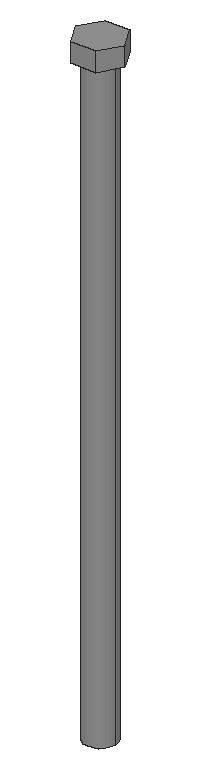
Revit family "Anchor Bolt", category Structural Connections, Revit 2017
Family settings
  Material for Model Behavior = Other
  Work Plane-Based = Yes
  Enable cutting in views = Yes
  Always vertical = No
  Cut with Voids When Loaded = No
  Shared = No
Parameters (values of type "#10")
  Side = Head Size * 0.57812  # 0' - 0.1626"
  Radius = Diameter / 2  # 0' - 0.09961"
  Length = 0' - 4"
  Head Size = 0' - 0 9/32"
  Head Radius = Head Size / 2  # 0' - 0 9/64"
  Head Height = 0' - 0 1/8"
  Diameter = 0' - 0 51/256"
  Default Elevation = 4' - 0"
  Bolt Material (Size) = 5/8" GALV. ANCHOR BOLT @ 24" O.C. (6" MIN. EMBEDMENT)
Types (8): name | Side | Radius | Length | Head Size | Head Radius | Head Height | Diameter | Bolt Material (Size)
  3/4" | 0' - 0.65039" | 0' - 0 3/8" | 0' - 4" | 0' - 1 1/8" | 0' - 0 9/16" | 0' - 0 1/2" | 0' - 0 3/4" | 5/8" GALV. ANCHOR BOLT @ 24" O.C. (6" MIN. EMBEDMENT)
  1/2" | 0' - 0 111/256" | 0' - 0 1/4" | 0' - 4" | 0' - 0 3/4" | 0' - 0 3/8" | 0' - 0 1/2" | 0' - 0 1/2" | 1/2" X 5" LAG BOLT (THRU BOLT IF PLATE ON OPP. SIDE OF STRUCT MEMBER)
  3/8" | 0' - 0.3252" | 0' - 0 3/16" | 0' - 4" | 0' - 0 9/16" | 0' - 0 9/32" | 0' - 0 1/4" | 0' - 0 3/8" | 3/8" X GALV LAG BOLT (HOLE 15/32")
  5/8" | 0' - 0.54199" | 0' - 0 5/16" | 0' - 10 1/2" | 0' - 0 15/16" | 0' - 0 15/32" | 0' - 0 27/64" | 0' - 0 5/8" | 5/8" GALV. ANCHOR BOLT @ 24" O.C. (6" MIN. EMBEDMENT)
  7/8" | 0' - 0.75879" | 0' - 0 7/16" | 0' - 4" | 0' - 1 5/16" | 0' - 0 21/32" | 0' - 0 37/64" | 0' - 0 7/8" | 5/8" GALV. ANCHOR BOLT @ 24" O.C. (6" MIN. EMBEDMENT)
  1" | 0' - 0 111/128" | 0' - 0 1/2" | 0' - 4" | 0' - 1 1/2" | 0' - 0 3/4" | 0' - 0 43/64" | 0' - 1" | 5/8" GALV. ANCHOR BOLT @ 24" O.C. (6" MIN. EMBEDMENT)
  1/4" | 0' - 0.25293" | 0' - 0 1/8" | 0' - 4" | 0' - 0 7/16" | 0' - 0 7/32" | 0' - 0 11/64" | 0' - 0 1/4" | 5/8" GALV. ANCHOR BOLT @ 24" O.C. (6" MIN. EMBEDMENT)
  #10 | 0' - 0.1626" | 0' - 0.09961" | 0' - 4" | 0' - 0 9/32" | 0' - 0 9/64" | 0' - 0 1/8" | 0' - 0 51/256" | 5/8" GALV. ANCHOR BOLT @ 24" O.C. (6" MIN. EMBEDMENT)
Reference planes (in)
  plane 1 "Center (Front/Back)": y = 0
  plane 2: z = 0
  plane 3 "Center (Left/Right)": x = 0
  plane 4: z = 0.125
  plane 5: z = -4
  plane 6: y = 0
  plane 7: x = 0
Forms (in)
  Extrusion 1, solid, material "5/8" GALV. ANCHOR BOLT @ 24" O.C. (6" MIN. EMBEDMENT)" <- "Bolt Material (Size)"
    sketch origin (0, 0, 0) x (1, 0, 0) y (0, 1, 0)
      loop
        line (-0.08119, 0.14062) -> (-0.16238, 0) -> (-0.08119, -0.14063) -> (0.08119, -0.14063) -> (0.16238, 0) -> (0.08119, 0.14062) -> (-0.08119, 0.14062)
    from 0 to 0.125
  Extrusion 2, solid, material "5/8" GALV. ANCHOR BOLT @ 24" O.C. (6" MIN. EMBEDMENT)" <- "Bolt Material (Size)"
    sketch origin (0, 0, 0) x (1, 0, 0) y (0, 1, 0)
      loop
        circle (0, 0) r 0.09961
    from -4 to 0
Lines and regions (in)
  model lines, style "InvisibleLines"
    curve 1: line (0, -0.14063, 0.125) -> (0, 0.14062, 0.125)
    curve 2: line (0.16238, 0, 0.125) -> (-0.16238, 0, 0.125)
Dimensions and locks (in)
  "Head Height": plane 4 to level
  "Length": level to plane 5
  "Head Radius": Extrusion 1 sketch curve to plane 3 "Center (Left/Right)"
  "Head Radius": Extrusion 1 sketch curve to plane 7
  "Head Radius": Extrusion 1 sketch curve to plane 6  (x4)
  "Radius": radius of Extrusion 2 sketch curve
  locked: Extrusion 1 sketch curve to Extrusion 1 sketch curve (angle 120.00°)  (x5)
  aligned and locked: level to plane 2
  aligned and locked: Extrusion 1 to plane 4
  aligned and locked: Extrusion 2 to plane 5
  aligned and locked: plane 7 to curve 1
  aligned and locked: plane 6 to curve 2
Automatic sketch dimensions
  curve 2 to Extrusion 1 = 0' - 0"
  curve 1 to Extrusion 1 = 0' - 0"
  Extrusion 1 to curve 1 = 0' - 0"
  Extrusion 1 to curve 2 = 0' - 0"
  plane 1 "Center (Front/Back)" to Extrusion 2 sketch curve = 0' - 0"
  Extrusion 2 sketch curve to plane 3 "Center (Left/Right)" = 0' - 0"
